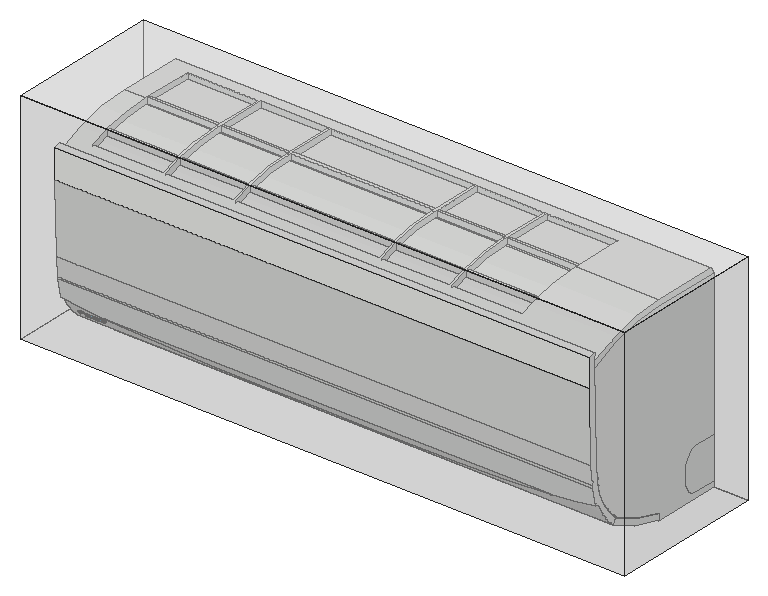
Revit family "outputfile", category 機械設備, Revit 2024
Family settings
  丸型コネクタ寸法 = 半径を使用
  パーツ タイプ = 標準
  OmniClass 番号 = 23.75.10.24.21.27.27
  OmniClass タイトル = Split System Air Conditioning Units
  作業面ベース = いいえ
  常に垂直 = はい
  ロード時にボイドで切り取り = いいえ
  注釈の向きを維持 = いいえ
  共有 = いいえ
  部屋計算ポイント = いいえ
Parameters (values of type "CTXM46RVMA")
  Description = ""
  書き出し IFC クラス(タイプ) = "IfcUnitaryEquipmentType"
  定義済み IFC タイプ(タイプ) = "AIRCONDITIONINGUNIT"
  Cost = 0
  Type Comments = ""
  Keynote = ""
  Type Image = (empty or 0)
  Assembly Code = ""
  w_wall hole = if(Width = 770.0 mm, 48.0 mm, if(Width = 990.0 mm, 60.0 mm, 89.0 mm))  # 48.0 mm
  製造元 = "Daikin"
  モデル = "CTXM46RVMA"
  switch_frequency = yes
  r_Liquid Pipe Size = Liquid Pipe Size / 2  # 3.2 mm
  r_Gas Pipe Size = Gas Pipe Size / 2  # 6.35 mm
  r_Drain Pipe Size = Drain Pipe Size / 2  # 8.0 mm
  lw_powersupply [instance] = if(Width = 770.0 mm, if(or(Rear Right Connection_refrigerant, Bottom Right Connection_refrigerant), 25.0 mm, if(or(Rear Left Connection_refrigerant, Bottom Left Connection_refrigerant), 745.0 mm, 400.0 mm)), if(Width = 990.0 mm, if(or(Rear Right Connection_refrigerant, Bottom Right Connection_refrigerant), 40.0 mm, if(or(Rear Left Connection_refrigerant, Bottom Left Connection_refrigerant), 920.0 mm, 400.0 mm)), if(Width = 1200.0 mm, if(or(Rear Right Connection_refrigerant, Bottom Right Connection_refrigerant), 89.0 mm - 19.0 mm, if(or(Rear Left Connection_refrigerant, Bottom Left Connection_refrigerant), 675.0 mm + (990.0 mm - 770.0 mm) + 145.0 mm + 22.0 mm + 89.0 mm, 400.0 mm)), if(or(Rear Right Connection_refrigerant, Bottom Right Connection_refrigerant), 89.0 mm - 19.0 mm, if(or(Rear Left Connection_refrigerant, Bottom Left Connection_refrigerant), 675.0 mm + (990.0 mm - 770.0 mm) + 145.0 mm + 22.0 mm + 89.0 mm, 400.0 mm)))))  # 400.0 mm
  lw_liquidpipe [instance] = if(Width = 770.0 mm, if(or(Rear Right Connection_refrigerant, Bottom Right Connection_refrigerant), 0.0 mm, if(or(Rear Left Connection_refrigerant, Bottom Left Connection_refrigerant), 664.0 mm, 385.0 mm)), if(Width = 990.0 mm, if(or(Rear Right Connection_refrigerant, Bottom Right Connection_refrigerant), 0.0 mm, if(or(Rear Left Connection_refrigerant, Bottom Left Connection_refrigerant), 664.0 mm + (990.0 mm - 770.0 mm), 475.0 mm)), if(Width = 1200.0 mm, if(or(Rear Right Connection_refrigerant, Bottom Right Connection_refrigerant), 0.0 mm, if(or(Rear Left Connection_refrigerant, Bottom Left Connection_refrigerant), 664.0 mm + (990.0 mm - 770.0 mm) + 145.0 mm, 460.0 mm)), if(or(Rear Right Connection_refrigerant, Bottom Right Connection_refrigerant), 0.0 mm, if(or(Rear Left Connection_refrigerant, Bottom Left Connection_refrigerant), 664.0 mm + (990.0 mm - 770.0 mm) + 145.0 mm, 460.0 mm)))))  # 385.0 mm
  lw_gaspipe [instance] = if(Width = 770.0 mm, if(or(Rear Right Connection_refrigerant, Bottom Right Connection_refrigerant), 0.0 mm, if(or(Rear Left Connection_refrigerant, Bottom Left Connection_refrigerant), 675.0 mm, if(Gas Pipe Size = 12.7 mm, 345.0 mm, 335.0 mm))), if(Width = 990.0 mm, if(or(Rear Right Connection_refrigerant, Bottom Right Connection_refrigerant), 10.0 mm, if(or(Rear Left Connection_refrigerant, Bottom Left Connection_refrigerant), 890.0 mm, if(Gas Pipe Size = 15.9 mm, 410.0 mm, 400.0 mm))), if(Width = 1200.0 mm, if(or(Rear Right Connection_refrigerant, Bottom Right Connection_refrigerant), 10.0 mm, if(or(Rear Left Connection_refrigerant, Bottom Left Connection_refrigerant), 675.0 mm + (990.0 mm - 770.0 mm) + 145.0 mm, 400.0 mm)), if(or(Rear Right Connection_refrigerant, Bottom Right Connection_refrigerant), 10.0 mm, if(or(Rear Left Connection_refrigerant, Bottom Left Connection_refrigerant), 675.0 mm + (990.0 mm - 770.0 mm) + 145.0 mm, 400.0 mm)))))  # 345.0 mm
  lw_drainpipe [instance] = if(Width = 770.0 mm, if(or(Rear Right Connection_refrigerant, Bottom Right Connection_refrigerant), 0.0 mm, if(or(Rear Left Connection_refrigerant, Bottom Left Connection_refrigerant), 770.0 mm - 48.0 mm - 48.0 mm, 440.0 mm)), if(Width = 990.0 mm, if(or(Rear Right Connection_refrigerant, Bottom Right Connection_refrigerant), 0.0 mm, if(or(Rear Left Connection_refrigerant, Bottom Left Connection_refrigerant), 675.0 mm + (990.0 mm - 770.0 mm), 435.0 mm)), if(Width = 1200.0 mm, if(or(Rear Right Connection_refrigerant, Bottom Right Connection_refrigerant), 0.0 mm, if(or(Rear Left Connection_refrigerant, Bottom Left Connection_refrigerant), 675.0 mm + (990.0 mm - 770.0 mm) + 145.0 mm, 465.0 mm)), if(or(Rear Right Connection_refrigerant, Bottom Right Connection_refrigerant), 0.0 mm, if(or(Rear Left Connection_refrigerant, Bottom Left Connection_refrigerant), 675.0 mm + (990.0 mm - 770.0 mm) + 145.0 mm, 465.0 mm)))))  # 440.0 mm
  l_powersupply_length [instance] = if(Width = 770.0 mm, if(Right Connection_refrigerant, 400.0 mm, if(Left Connection_refrigerant, 770.0 mm - 400.0 mm, if(or(Rear Left Connection_refrigerant, Rear Right Connection_refrigerant), 15.0 mm, 50.0 mm))), if(Width = 990.0 mm, if(Right Connection_refrigerant, 400.0 mm, if(Left Connection_refrigerant, 990.0 mm - 400.0 mm, if(or(Rear Left Connection_refrigerant, Rear Right Connection_refrigerant), 15.0 mm, 50.0 mm))), if(Width = 1200.0 mm, if(Right Connection_refrigerant, 400.0 mm, if(Left Connection_refrigerant, 1200.0 mm - 400.0 mm, if(or(Rear Left Connection_refrigerant, Rear Right Connection_refrigerant), 15.0 mm, 50.0 mm))), if(Right Connection_refrigerant, 400.0 mm, if(Left Connection_refrigerant, 1200.0 mm - 400.0 mm, if(or(Rear Left Connection_refrigerant, Rear Right Connection_refrigerant), 15.0 mm, 50.0 mm))))))  # 400.0 mm
  l_liquidpipe_length [instance] = if(Width = 770.0 mm, if(Right Connection_refrigerant, 433.0 mm, if(Left Connection_refrigerant, 337.0 mm, if(or(Rear Left Connection_refrigerant, Rear Right Connection_refrigerant), 30.0 mm, 40.0 mm))), if(Width = 990.0 mm, if(Right Connection_refrigerant, 535.0 mm, if(Left Connection_refrigerant, 455.0 mm, if(or(Rear Left Connection_refrigerant, Rear Right Connection_refrigerant), 30.0 mm, 40.0 mm))), if(Width = 1200.0 mm, if(Right Connection_refrigerant, 549.0 mm, if(Left Connection_refrigerant, 1200.0 mm - 549.0 mm, if(or(Rear Left Connection_refrigerant, Rear Right Connection_refrigerant), 30.0 mm, 40.0 mm))), if(Right Connection_refrigerant, 549.0 mm, if(Left Connection_refrigerant, 1200.0 mm - 549.0 mm, if(or(Rear Left Connection_refrigerant, Rear Right Connection_refrigerant), 30.0 mm, 40.0 mm))))))  # 433.0 mm
  l_gaspipe_length [instance] = if(Width = 770.0 mm, if(Right Connection_refrigerant, if(Gas Pipe Size = 12.7 mm, 393.0 mm, 383.0 mm), if(Left Connection_refrigerant, if(Gas Pipe Size = 12.7 mm, 770.0 mm - 393.0 mm, 770.0 mm - 383.0 mm), if(or(Rear Left Connection_refrigerant, Rear Right Connection_refrigerant), 40.0 mm, 50.0 mm))), if(Width = 990.0 mm, if(Right Connection_refrigerant, if(Gas Pipe Size = 15.9 mm, 470.0 mm, 460.0 mm), if(Left Connection_refrigerant, if(Gas Pipe Size = 15.9 mm, 990.0 mm - 470.0 mm, 990.0 mm - 460.0 mm), if(or(Rear Left Connection_refrigerant, Rear Right Connection_refrigerant), 40.0 mm, 50.0 mm))), if(Width = 1200.0 mm, if(Right Connection_refrigerant, 489.0 mm, if(Left Connection_refrigerant, 1200.0 mm - 489.0 mm, if(or(Rear Left Connection_refrigerant, Rear Right Connection_refrigerant), 40.0 mm, 50.0 mm))), if(Right Connection_refrigerant, 489.0 mm, if(Left Connection_refrigerant, 1200.0 mm - 489.0 mm, if(or(Rear Left Connection_refrigerant, Rear Right Connection_refrigerant), 40.0 mm, 50.0 mm))))))  # 393.0 mm
  l_drainpipe_length [instance] = if(Width = 770.0 mm, if(Right Connection_refrigerant, 488.0 mm, if(Left Connection_refrigerant, 282.0 mm, if(or(Rear Left Connection_refrigerant, Rear Right Connection_refrigerant), 15.0 mm, 20.0 mm))), if(Width = 990.0 mm, if(Right Connection_refrigerant, 495.0 mm, if(Left Connection_refrigerant, 495.0 mm, if(or(Rear Left Connection_refrigerant, Rear Right Connection_refrigerant), 15.0 mm, 20.0 mm))), if(Width = 1200.0 mm, if(Right Connection_refrigerant, 554.0 mm, if(Left Connection_refrigerant, 1200.0 mm - 554.0 mm, if(or(Rear Left Connection_refrigerant, Rear Right Connection_refrigerant), 15.0 mm, 20.0 mm))), if(Right Connection_refrigerant, 554.0 mm, if(Left Connection_refrigerant, 1200.0 mm - 554.0 mm, if(or(Rear Left Connection_refrigerant, Rear Right Connection_refrigerant), 15.0 mm, 20.0 mm))))))  # 488.0 mm
  h*** = 0.0 mm  # constant formula
  connector_voltage = Voltage_50Hz  # 230 V
  connector_powerinput = if([Power Input (Cooling)] > [Power Input (Heating)], [Power Input (Cooling)], [Power Input (Heating)])  # 0.000 kW
  connector_phase = Phase_50Hz  # 1
  angle_vertical [instance] = if(or(Bottom Left Connection_refrigerant, Bottom Right Connection_refrigerant), 0.00°, 90.00°)  # 90.00°
  angle_horizontal [instance] = if(Right Connection_refrigerant, 90.00°, if(Left Connection_refrigerant, -90.00°, if(or(Rear Left Connection_refrigerant, Rear Right Connection_refrigerant), 180.00°, 0.00°)))  # 90.00°
  Width = 770.0 mm
  Voltage_comment_50Hz = "220 - 240"
  Voltage_50Hz = 230 V
  Version = "ver.1.0"
  Unit Type = "Wall Mounted"
  Unit Mass Weight = 9.00 kg
  Unit Designation [instance] = ""
  Uniclass2015Version = "Products v1.30"
  Uniclass2015Title = "Split coil room air conditioning units"
  Uniclass2015Code = "Pr_70_65_03_86"
  URL = ""
  Total Heating Capacity [instance] = 0.000 kW
  Total Cooling Capacity [instance] = 0.000 kW
  Sound Pressure Level_M speed (dBA) = 40
  Sound Pressure Level_L speed (dBA) = 35
  Sound Pressure Level_H speed (dBA) = 44
  Sound Power Level_H speed (dB) = 0
  Series = "Multi Split_Fan Coil Unit"
  Sensible Cooling Capacity [instance] = 0.000 kW
  Refrigerant Type = "R32"
  Power Input (Heating) = 0.000 kW
  Power Input (Cooling) = 0.000 kW
  Phase_50Hz = 1
  Option Accessory 3 [instance] = ""
  Option Accessory 2 [instance] = ""
  Option Accessory 1 [instance] = ""
  Nominal Heating Capacity = 5.600 kW
  Nominal Cooling Capacity = 4.600 kW
  Minimum Circuit Amps_50Hz = 0.0 A
  Minimum Airflow = 504.00 m³/h
  Median Airflow = 600.00 m³/h
  Maximum Fuse Amps_50Hz = 0.0 A
  Maximum Airflow = 732.00 m³/h
  Material_Casing = DAIKIN_White_Casing_indoorunit
  Load Classification = HVAC
  Liquid Pipe Size = 6.4 mm
  Link_Nested Family [instance] = ""
  IfcVersion = ""
  IfcExportType = "AIRCONDITIONINGUNIT"
  IfcExportAs = "IfcUnitaryEquipmentType"
  Height = 285.0 mm
  Heating Entering Wet Bulb Temperature [instance] = 0.00 °C
  Heating Entering Dry Bulb Temperature [instance] = 0.00 °C
  Heating Ambient Wet Bulb Temperature [instance] = 0.00 °C
  Heating Ambient Dry Bulb Temperature [instance] = 0.00 °C
  Heat Exchanger Type = "Cross Fin Coil"
  Gas Pipe Size = 12.7 mm
  Frequency_50Hz = 50 Hz
  Fan Type = "Cross Flow Fan"
  Fan Drive = "Direct Drive"
  FCU Tag No. [instance] = ""
  Drain Pipe Size = 16.0 mm
  Design Supply Airflow [instance] = 0.00 m³/h
  Depth = 223.0 mm
  既定の高さ = 0.0 mm
  Cooling Entering Wet Bulb Temperature [instance] = 0.00 °C
  Cooling Entering Dry Bulb Temperature [instance] = 0.00 °C
  Cooling Ambient Wet Bulb Temperature [instance] = 0.00 °C
  Cooling Ambient Dry Bulb Temperature [instance] = 0.00 °C
  Clearance visibility [instance] = yes
  Clearance Top = 30.0 mm
  Clearance Right = 50.0 mm
  Clearance Rear = 0.0 mm
  Clearance Left = 50.0 mm
  Clearance Front = 0.0 mm
  Clearance Bottom = 0.0 mm
  Bottom Right Connection_refrigerant [instance] = no
  Bottom Left Connection_refrigerant [instance] = no
  Rear Right Connection_refrigerant [instance] = no
  Rear Left Connection_refrigerant [instance] = no
  Right Connection_refrigerant [instance] = yes
  Left Connection_refrigerant [instance] = no
Reference planes
  plane 1 "Back": y = 0
  plane 2: z = 0
  plane 3 "Center (Left/Right)": x = 0
  plane 4 "Center (Front/Back)": y = -111.5
  plane 5 "Front": y = -223
  plane 6 "Left": x = -385
  plane 7 "Right": x = 385
  plane 8 "Top": z = 0
  plane 9 "Bottom": z = -285
  plane 10: x = -435
  plane 11: x = 435
  plane 12: y = 0
  plane 13: y = -223
  plane 14: z = 30
  plane 15: z = -285
  plane 16 "lw_Piping and Wiring intake": x = 337
  plane 17 "lw_gaspipe": x = -8
  plane 18 "lw_liquidpipe": x = -48
  plane 19 "lw_drainpipe": x = -103
  plane 20 "lh_drainpipe": z = -265
  plane 21 "lh_liquidpipe": z = -245
  plane 22 "lh_gaspipe": z = -235
  plane 23 "ld_drainpipe": y = -15
  plane 24 "ld_liquidpipe": y = -30
  plane 25 "ld_gaspipe": y = -40
  plane 26 "lw_powersupply": x = -15
Dimensions and locks
  equal spacing: plane 6 "Left", plane 3 "Center (Left/Right)", plane 7 "Right"
  "Width": plane 6 "Left" to plane 7 "Right"
  equal spacing: plane 5 "Front", plane 4 "Center (Front/Back)", plane 1 "Back"
  "Depth": plane 5 "Front" to plane 1 "Back"
  "Height": plane 8 "Top" to plane 9 "Bottom"
  "Clearance Rear": plane 12 to plane 1 "Back"
  "Clearance Front": plane 13 to plane 5 "Front"
  "Clearance Top": plane 14 to plane 8 "Top"
  "Clearance Bottom": plane 9 "Bottom" to plane 15
  "w_wall hole": plane 16 "lw_Piping and Wiring intake" to plane 7 "Right"
  "lw_gaspipe": plane 17 "lw_gaspipe" to plane 16 "lw_Piping and Wiring intake"
  "lw_liquidpipe": plane 18 "lw_liquidpipe" to plane 16 "lw_Piping and Wiring intake"
  "lw_drainpipe": plane 19 "lw_drainpipe" to plane 16 "lw_Piping and Wiring intake"
  locked: plane 20 "lh_drainpipe" to plane 9 "Bottom" at 20
  locked: plane 21 "lh_liquidpipe" to plane 9 "Bottom" at 40
  locked: plane 22 "lh_gaspipe" to plane 9 "Bottom" at 50
  locked: plane 23 "ld_drainpipe" to plane 1 "Back" at 15
  locked: plane 1 "Back" to plane 24 "ld_liquidpipe" at 30
  locked: plane 1 "Back" to plane 25 "ld_gaspipe" at 40
  "lw_powersupply": plane 26 "lw_powersupply" to plane 7 "Right"
  "Clearance Right": plane 7 "Right" to plane 11
  "Clearance Left": plane 10 to plane 6 "Left"
  aligned and locked: level to plane 2
  aligned and locked: plane 12 to nested 1
  aligned and locked: nested 1 to plane 13
  aligned and locked: plane 10 to nested 1
  aligned and locked: plane 11 to nested 1
  aligned and locked: plane 15 to nested 1
  aligned and locked: plane 14 to nested 1
  aligned and locked: plane 17 "lw_gaspipe" to nested 2
  aligned and locked: nested 2 to plane 25 "ld_gaspipe"
  aligned and locked: plane 18 "lw_liquidpipe" to nested 3
  aligned and locked: nested 3 to plane 24 "ld_liquidpipe"
  aligned and locked: plane 19 "lw_drainpipe" to nested 4
  aligned and locked: nested 4 to plane 23 "ld_drainpipe"
  aligned and locked: nested 5 to plane 23 "ld_drainpipe"
  aligned and locked: plane 26 "lw_powersupply" to nested 5
  aligned and locked: level to plane 8 "Top"
  aligned and locked: plane 3 "Center (Left/Right)" to nested 6
  aligned and locked: plane 1 "Back" to nested 6
  aligned and locked: plane 8 "Top" to nested 6
Nested families
  nested 1: "daikin_clearancespace" at (0, -111.5, -127.381), show <- "Clearance visibility", visible <- "Clearance visibility", Link_Nested Family <- "Link_Nested Family", type "daikin_clearancespace"
    with width 870.0 mm, show yes, height 315.0 mm, depth 223.0 mm, Link_Nested Family ""
  nested 2: "daikin_connector_rotate3" at (-8, -40, -235), angle_vertical <- "angle_vertical", angle_horizontal <- "angle_horizontal", length <- "l_gaspipe_length", radius <- "r_Gas Pipe Size", type "daikin_connector_rotate3"
    with show no, radius 6.35 mm, length 393.0 mm, angle_vertical 90.00°, angle_horizontal 90.00°
  nested 3: "daikin_connector_rotate3" at (-48, -30, -245), angle_vertical <- "angle_vertical", angle_horizontal <- "angle_horizontal", radius <- "r_Liquid Pipe Size", length <- "l_liquidpipe_length", type "daikin_connector_rotate3"
    with show no, radius 3.2 mm, length 433.0 mm, angle_vertical 90.00°, angle_horizontal 90.00°
  nested 4: "daikin_connector_rotate3" at (-103, -15, -265), angle_vertical <- "angle_vertical", angle_horizontal <- "angle_horizontal", length <- "l_drainpipe_length", radius <- "r_Drain Pipe Size", type "daikin_connector_rotate3"
    with show no, radius 8.0 mm, length 488.0 mm, angle_vertical 90.00°, angle_horizontal 90.00°
  nested 5: "daikin_connector_rotate3" at (-15, -15, -235), angle_vertical <- "angle_vertical", angle_horizontal <- "angle_horizontal", length <- "l_powersupply_length", type "daikin_connector_rotate3"
    with show no, radius 10.0 mm, length 400.0 mm, angle_vertical 90.00°, angle_horizontal 90.00°
  nested 6: "DAIKIN_indoorunit_CTXM-RVMA" at (-31, 0, 0), type "CTXM-RVMA"
Connectors
  piping at (385, -40, -235), diameter 12.7, driven by "r_Gas Pipe Size"
    settings: on nested 2, index 1, connector inside diameter 609.6 mm, connector length 0.0 mm, flow factor 0, pipe flow 0.00 m³/h, pressure drop 0.0 Pa, fitting loss kfactor 0, connector angle 0.00°, fixture units 0, engagement length 0.0 mm, angle of deflection 0.00°, flow configuration 1, flow direction 2, fitting loss method 0, system type 29, joint type 0, gender type 0, connector reference index -1, connector utility 0, adjustable connector no, is connector primary yes, connector description "Refrigerant Gas Piping"
  piping at (385, -30, -245), diameter 6.4, driven by "r_Liquid Pipe Size"
    settings: on nested 3, index 2, connector inside diameter 609.6 mm, connector length 0.0 mm, flow factor 0, pipe flow 0.00 m³/h, pressure drop 0.0 Pa, fitting loss kfactor 0, connector angle 0.00°, fixture units 0, engagement length 0.0 mm, angle of deflection 0.00°, flow configuration 1, flow direction 1, fitting loss method 0, system type 29, joint type 0, gender type 0, connector reference index -1, connector utility 0, adjustable connector no, is connector primary no, connector description "Refrigerant Liquid Piping"
  piping at (385, -15, -265), diameter 16, driven by "r_Drain Pipe Size"
    settings: on nested 4, index 3, connector inside diameter 609.6 mm, connector length 0.0 mm, flow factor 0, pipe flow 0.00 m³/h, pressure drop 0.0 Pa, fitting loss kfactor 0, connector angle 0.00°, fixture units 0, engagement length 0.0 mm, angle of deflection 0.00°, flow configuration 1, flow direction 2, fitting loss method 4, system type 16, joint type 0, gender type 0, connector reference index -1, connector utility 0, adjustable connector no, is connector primary no, connector description "Condensate Drain Piping"
  electrical at (385, -15, -235), driven by "Load Classification", driven by "connector_voltage", driven by "connector_phase", driven by "connector_powerinput"
    settings: on nested 5, index 4, voltage 230 V, apparent load 0 VA, apparent load phase1 0 VA, apparent load phase2 0 VA, apparent load phase3 0 VA, power factor 1, load classification "HVAC", number of poles 1, system type 30, power factor state 1, is connector primary yes, connector utility no, sub classification motor no, connector description "Power Supply"
Definition of nested family "daikin_clearancespace"
  Parameters (values of type "daikin_clearancespace")
    Description = "daikin_clearancespace"
    width [instance] = 1823.963 mm
    show [instance] = yes
    material = none
    height [instance] = 1359.762 mm
    depth [instance] = 880.0 mm
    Default Elevation = 0.0 mm
    Link_Nested Family [instance] = ""
  Reference planes
    plane 1 "Center (Front/Back)": y = 0
    plane 2 "Center (Elevation)": z = -0.119
    plane 3 "Center (Left/Right)": x = 0
    plane 4: y = 440
    plane 5: y = -440
    plane 6 "Right": x = 911.982
    plane 7 "Left": x = -911.982
    plane 8 "Top": z = 679.762
    plane 9 "Bottom": z = -680
  Forms (mm)
    Extrusion 1, solid, material <- "material", visible <- "show"
      sketch origin (0, 0, 0) x (1, 0, 0) y (0, 1, 0)
        loop
          line (-911.982, 440) -> (-911.982, -440) -> (911.982, -440) -> (911.982, 440) -> (-911.982, 440)
      from -680 to 679.762
  Lines and regions (mm)
    symbolic lines, visible <- "show"
      curve 1: line (911.982, 440, 0) -> (-911.982, 440, 0)
      curve 2: line (-911.982, 440, 0) -> (-911.982, -440, 0)
      curve 3: line (-911.982, -440, 0) -> (911.982, -440, 0)
      curve 4: line (911.982, -440, 0) -> (911.982, 440, 0)
      curve 5: line (911.982, 0, 679.762) -> (-911.982, 0, 679.762)
      curve 6: line (911.982, 0, -680) -> (911.982, 0, 679.762)
      curve 7: line (-911.982, 0, -680) -> (911.982, 0, -680)
      curve 8: line (-911.982, 0, 679.762) -> (-911.982, 0, -680)
      curve 9: line (0, 440, 679.762) -> (0, -440, 679.762)
      curve 10: line (0, -440, 679.762) -> (0, -440, -680)
      curve 11: line (0, 440, -680) -> (0, 440, 679.762)
      curve 12: line (0, -440, -680) -> (0, 440, -680)
  Dimensions and locks
    "width": plane 7 "Left" to plane 6 "Right"
    "depth": plane 4 to plane 5
    "height": plane 8 "Top" to plane 9 "Bottom"
    equal spacing: plane 7 "Left", plane 3 "Center (Left/Right)", plane 6 "Right"
    equal spacing: plane 4, plane 1 "Center (Front/Back)", plane 5
    equal spacing: plane 8 "Top", plane 2 "Center (Elevation)", plane 9 "Bottom"
    aligned and locked: level to plane 2 "Center (Elevation)"
    aligned and locked: Extrusion 1 sketch curve to plane 4
    aligned and locked: plane 7 "Left" to Extrusion 1 sketch curve
    aligned and locked: Extrusion 1 sketch curve to plane 5
    aligned and locked: Extrusion 1 sketch curve to plane 6 "Right"
    aligned and locked: plane 8 "Top" to Extrusion 1
    aligned and locked: curve 1 to Extrusion 1
    aligned and locked: curve 2 to Extrusion 1
    aligned and locked: curve 3 to Extrusion 1
    aligned and locked: curve 4 to Extrusion 1
    aligned and locked: curve 5 to Extrusion 1
    aligned and locked: curve 6 to Extrusion 1
    aligned and locked: curve 7 to Extrusion 1
    aligned and locked: curve 8 to Extrusion 1
    aligned and locked: curve 9 to Extrusion 1
    aligned and locked: curve 10 to Extrusion 1
    aligned and locked: curve 11 to Extrusion 1
    aligned and locked: curve 12 to Extrusion 1
    aligned and locked: Extrusion 1 to plane 9 "Bottom"
Definition of nested family "DAIKIN_indoorunit_CTXM-RVMA"
  Parameters (values of type "CTXM-RVMA")
    switch_unit1_85-95 = Width = 1200.0 mm  # no
    switch_unit1_50-71 = Width = 990.0 mm  # no
    switch_unit1_20-46 = Width = 770.0 mm  # yes
    Width = 770.0 mm
    WALL HOLE_L = if(Width = 1200.0 mm, 65.0 mm, 48.0 mm)  # 48.0 mm
    WALL HOLE_H = if(Width = 1200.0 mm, 45.0 mm, 44.5 mm)  # 44.5 mm
    WALL HOLE-R = if(Width = 770.0 mm, 48.0 mm, if(Width = 990.0 mm, 60.0 mm, 89.0 mm))  # 48.0 mm
    WALL HOLE Size = if(Width = 770.0 mm, 65.0 mm, 80.0 mm)  # 65.0 mm
    Material_Casing = none
    Height = if(Width = 770.0 mm, 285.0 mm, if(Width = 990.0 mm, 295.0 mm, 340.0 mm))  # 285.0 mm
    Default Elevation = 0.0 mm
  Reference planes
    plane 1 "Center (Front/Back)": y = 0
    plane 2 "reference_level": z = 0
    plane 3 "Center (Left/Right)": x = 31
    plane 4: x = -354
    plane 5: x = 416
    plane 6: z = -285
  Forms (mm)
    Extrusion 1, solid, material <- "Material_Casing", visible <- "switch_unit1_20-46"
      sketch origin (29, 0, 0) x (0, 1, 0) y (0, 0, 1)
        loop
          line (-5, 0) -> (-98, 0)
          arc (-98, 0) -> (-157.611, -7.211) -> (-213.783, -28.427) r 250
          arc (-213.783, -28.427) -> (-213.842, -32.972) -> (-213.892, -37.516) r 2191
          arc (-213.892, -37.516) -> (-157.832, -15.495) -> (-98.07, -8) r 242
          line (-98.07, -8) -> (0, -8) -> (-5, 0)
      from -383 to 387
    Extrusion 2, solid, material <- "Material_Casing", visible <- "switch_unit1_20-46"
      sketch origin (416, 1296.25, 1200) x (0, 1, 0) y (0, 0, 1)
        loop
          line (-1472.998, -1446.91) -> (-1476.998, -1453.839)
          arc (-1476.998, -1453.839) -> (-1437.481, -1472.422) -> (-1395.25, -1483.538) r 240
          line (-1395.25, -1483.538) -> (-1395.25, -1475.422)
          arc (-1395.25, -1475.422) -> (-1435.407, -1464.663) -> (-1472.998, -1446.91) r 232
      from 0 to -47.5
    Extrusion 3, solid, material <- "Material_Casing", visible <- "switch_unit1_20-46"
      sketch origin (29, 0, 0) x (0, 1, 0) y (0, 0, 1)
        loop
          arc (-223, -60.455) -> (-222.414, -110.646) -> (-220.656, -160.81) r 2149.92
          arc (-220.656, -160.81) -> (-219.65, -174.299) -> (-217.853, -187.706) r 229.911
          arc (-217.853, -187.706) -> (-205.371, -223.594) -> (-181.517, -253.17) r 111
          line (-181.517, -253.17) -> (-177.429, -246.093)
          arc (-177.429, -246.093) -> (-198.77, -218.989) -> (-209.965, -186.36) r 103
          arc (-209.965, -186.36) -> (-211.681, -173.586) -> (-212.651, -160.735) r 221.844
          arc (-212.651, -160.735) -> (-214.739, -93.233) -> (-214.74, -25.699) r 2186.828
          arc (-214.74, -25.699) -> (-214.671, -21.467) -> (-214.594, -17.235) r 2192
          line (-214.594, -17.235) -> (-223, -19.961) -> (-223, -60.455)
      from -383 to 387
    Extrusion 4, solid, material <- "Material_Casing", visible <- "switch_unit1_20-46"
      sketch origin (29, 0, 0) x (0, 1, 0) y (0, 0, 1)
        loop
          line (-181.517, -253.17) -> (-179.597, -249.846)
          arc (-179.597, -249.846) -> (-202.009, -221.399) -> (-213.189, -186.952) r 103
          line (-213.189, -186.952) -> (-217.853, -187.706)
          arc (-217.853, -187.706) -> (-217.533, -189.556) -> (-217.182, -191.4) r 111
          arc (-217.182, -191.4) -> (-213.806, -208.181) -> (-210.362, -224.948) r 4257.809
          arc (-210.362, -224.948) -> (-198.886, -237.857) -> (-186.225, -249.607) r 180
          line (-186.225, -249.607) -> (-181.517, -253.17)
      from -383 to 387
    Extrusion 5, solid, material <- "Material_Casing", visible <- "switch_unit1_20-46"
      sketch origin (29, 0, -20) x (0, 1, 0) y (0, 0, 1)
        loop
          line (0, -265) -> (0, 12) -> (-98.07, 12)
          arc (-98.07, 12) -> (-157.832, 4.505) -> (-213.892, -17.516) r 242
          arc (-213.892, -17.516) -> (-213.638, -79.114) -> (-211.653, -140.681) r 2191
          arc (-211.653, -140.681) -> (-210.685, -153.501) -> (-208.973, -166.243) r 221
          arc (-208.973, -166.243) -> (-197.471, -199.282) -> (-175.482, -226.491) r 102
          arc (-175.482, -226.491) -> (-138.004, -244.019) -> (-98, -254.579) r 231
          line (-98, -254.579) -> (-98, -265) -> (0, -265)
      from -383 to 387
    Extrusion 6, solid, material <- "Material_Casing", visible <- "switch_unit1_20-46"
      sketch origin (-354, 1296.25, 1200) x (0, 1, 0) y (0, 0, 1)
        loop
          line (-1472.998, -1446.91) -> (-1476.998, -1453.839)
          arc (-1476.998, -1453.839) -> (-1437.481, -1472.422) -> (-1395.25, -1483.538) r 240
          line (-1395.25, -1483.538) -> (-1395.25, -1475.422)
          arc (-1395.25, -1475.422) -> (-1435.407, -1464.663) -> (-1472.998, -1446.91) r 232
      from 47 to 0
    Extrusion 7, solid, material <- "Material_Casing", visible <- "switch_unit1_20-46"
      sketch origin (416, 1296.25, 1200) x (0, 1, 0) y (0, 0, 1)
        loop
          line (-1472.998, -1446.91) -> (-1476.998, -1453.839)
          arc (-1476.998, -1453.839) -> (-1443.437, -1470.168) -> (-1407.75, -1481.097) r 240
          line (-1407.75, -1481.097) -> (-1407.75, -1472.894)
          arc (-1407.75, -1472.894) -> (-1441.363, -1462.385) -> (-1472.998, -1446.91) r 232
      from -116.993 to -48.493
    Extrusion 8, solid, material <- "Material_Casing", visible <- "switch_unit1_20-46"
      sketch origin (416, 1296.25, 1200) x (0, 1, 0) y (0, 0, 1)
        loop
          line (-1472.998, -1446.91) -> (-1476.998, -1453.839)
          arc (-1476.998, -1453.839) -> (-1443.437, -1470.168) -> (-1407.75, -1481.097) r 240
          line (-1407.75, -1481.097) -> (-1407.75, -1472.894)
          arc (-1407.75, -1472.894) -> (-1441.363, -1462.385) -> (-1472.998, -1446.91) r 232
      from -717 to -121.993
    Extrusion 9, void
      sketch origin (31, 0, -235) x (1, 0, 0) y (0, 1, 0)
        loop
          line (-252.674, -22.316) -> (-354.941, -22.316) -> (-354.941, -91.341) -> (-252.674, -91.341) -> (-252.674, -22.316)
        loop
          line (-249.341, -91.341) -> (-151.574, -91.341) -> (-151.574, -22.316) -> (-249.341, -22.316) -> (-249.341, -91.341)
        loop
          line (58.309, -22.316) -> (-148.309, -22.316) -> (-148.309, -91.341) -> (58.309, -91.341) -> (58.309, -22.316)
        loop
          line (61.689, -22.316) -> (61.689, -91.341) -> (159.457, -91.341) -> (159.457, -22.316) -> (61.689, -22.316)
        loop
          line (162.789, -22.316) -> (162.789, -91.341) -> (265.057, -91.341) -> (265.057, -22.316) -> (162.789, -22.316)
        loop
          line (-354.941, -94.659) -> (-354.941, -165.259) -> (-252.674, -165.259) -> (-252.674, -94.659) -> (-354.941, -94.659)
        loop
          line (-249.341, -94.659) -> (-249.341, -165.259) -> (-151.574, -165.259) -> (-151.574, -94.659) -> (-249.341, -94.659)
        loop
          line (-148.309, -94.659) -> (-148.309, -165.259) -> (58.309, -165.259) -> (58.309, -94.659) -> (-148.309, -94.659)
        loop
          line (61.689, -94.659) -> (61.689, -165.259) -> (159.457, -165.259) -> (159.457, -94.659) -> (61.689, -94.659)
        loop
          line (162.789, -94.659) -> (162.789, -165.259) -> (265.057, -165.259) -> (265.057, -94.659) -> (162.789, -94.659)
        loop
          line (-354.941, -167.382) -> (-354.941, -192.681) -> (-252.674, -192.681) -> (-252.674, -167.382) -> (-354.941, -167.382)
        loop
          line (-249.341, -167.382) -> (-249.341, -192.681) -> (-151.574, -192.681) -> (-151.574, -167.382) -> (-249.341, -167.382)
        loop
          line (-148.309, -167.382) -> (-148.309, -192.681) -> (58.309, -192.681) -> (58.309, -167.382) -> (-148.309, -167.382)
        loop
          line (159.457, -167.382) -> (61.689, -167.382) -> (61.689, -192.681) -> (159.457, -192.681) -> (159.457, -167.382)
        loop
          line (265.057, -167.382) -> (162.789, -167.382) -> (162.789, -192.681) -> (265.057, -192.681) -> (265.057, -167.382)
      from 201.638 to 250
    Extrusion 10, void
      sketch origin (31, 0, 0) x (1, 0, 0) y (0, 0, 1)
        loop
          arc (597, -174.907) -> (0.056, -245.263) -> (-597, -175.856) r 2585.042
          line (-597, -175.856) -> (-597, -352.872) -> (597, -352.872) -> (597, -174.907)
      from 173 to 315.3
    Extrusion 11, solid, material <- "Material_Casing"
      sketch origin (31, 0, 0) x (1, 0, 0) y (0, 0, 1)
        loop
          circle (337, -240.5) r 32.5
        loop
          circle (-337, -240.5) r 32.5
      from 0 to 5
    Extrusion 12, solid, material <- "Material_Casing", visible <- "switch_unit1_20-46"
      sketch origin (416, 1296.25, 1200) x (0, -1, 0) y (0, 0, 1)
        loop
          line (1326.25, -1417) -> (1296.25, -1417) -> (1296.25, -1477) -> (1326.25, -1477)
          arc (1326.25, -1477) -> (1340.393, -1471.142) -> (1346.25, -1457) r 20
          line (1346.25, -1457) -> (1346.25, -1437)
          arc (1346.25, -1437) -> (1340.393, -1422.858) -> (1326.25, -1417) r 20
      from 0 to 5
    Extrusion 13, solid, material <- "Material_Casing", visible <- "switch_unit1_20-46"
      sketch origin (-354, 1296.25, 1200) x (0, 1, 0) y (0, 0, 1)
        loop
          line (-1296.25, -1417) -> (-1326.25, -1417)
          arc (-1326.25, -1417) -> (-1340.393, -1422.858) -> (-1346.25, -1437) r 20
          line (-1346.25, -1437) -> (-1346.25, -1457)
          arc (-1346.25, -1457) -> (-1340.393, -1471.142) -> (-1326.25, -1477) r 20
          line (-1326.25, -1477) -> (-1296.25, -1477) -> (-1296.25, -1417)
      from 0 to 5
    Extrusion 14, solid, material <- "Material_Casing", visible <- "switch_unit1_20-46"
      sketch origin (31, 0, -285) x (-1, 0, 0) y (0, -1, 0)
        loop
          line (-314, 0) -> (-314, 30)
          arc (-314, 30) -> (-319.858, 44.142) -> (-334, 50) r 20
          line (-334, 50) -> (-354, 50)
          arc (-354, 50) -> (-368.142, 44.142) -> (-374, 30) r 20
          line (-374, 30) -> (-374, 0) -> (-314, 0)
        loop
          line (374, 0) -> (374, 30)
          arc (374, 30) -> (368.142, 44.142) -> (354, 50) r 20
          line (354, 50) -> (334, 50)
          arc (334, 50) -> (319.858, 44.142) -> (314, 30) r 20
          line (314, 30) -> (314, 0) -> (374, 0)
      from 0 to 5
    Extrusion 15, solid, material <- "Material_Casing", visible <- "switch_unit1_50-71"
      sketch origin (31, 0, 0) x (0, 1, 0) y (0, 0, 1)
        loop
          line (-5, 0) -> (-138, 0)
          arc (-138, 0) -> (-197.611, -7.211) -> (-253.783, -28.427) r 250
          arc (-253.783, -28.427) -> (-253.838, -32.687) -> (-253.886, -36.946) r 2191
          arc (-253.886, -36.946) -> (-197.73, -15.346) -> (-138.014, -8) r 246.393
          line (-138.014, -8) -> (0, -8) -> (-5, 0)
      from -495 to 495
    Extrusion 16, solid, material <- "Material_Casing", visible <- "switch_unit1_50-71"
      sketch origin (418, 1296.25, 1200) x (0, 1, 0) y (0, 0, 1)
        loop
          arc (-1515.208, -1454.149) -> (-1506.856, -1460.599) -> (-1497.925, -1466.219) r 110
          arc (-1497.925, -1466.219) -> (-1445.718, -1487.493) -> (-1389.844, -1494.995) r 223
          line (-1389.844, -1494.995) -> (-1389.844, -1486.086) -> (-1404.386, -1486.086)
          arc (-1404.386, -1486.086) -> (-1449.542, -1477.46) -> (-1491.818, -1459.402) r 214.289
          arc (-1491.818, -1459.402) -> (-1501.056, -1453.541) -> (-1509.606, -1446.715) r 101
          line (-1509.606, -1446.715) -> (-1515.208, -1454.149)
      from 108 to 57.5
    Extrusion 17, solid, material <- "Material_Casing", visible <- "switch_unit1_50-71"
      sketch origin (31, 0, 0) x (0, 1, 0) y (0, 0, 1)
        loop
          line (-263, -19.962) -> (-263, -61.6)
          arc (-263, -61.6) -> (-262.414, -110.219) -> (-260.656, -158.81) r 2017.341
          arc (-260.656, -158.81) -> (-255.648, -191.935) -> (-244.041, -223.362) r 164.725
          arc (-244.041, -223.362) -> (-233.569, -239.793) -> (-219.717, -253.495) r 87.379
          line (-219.717, -253.495) -> (-214.706, -246.846)
          arc (-214.706, -246.846) -> (-229.564, -230.029) -> (-240.385, -210.371) r 102
          arc (-240.385, -210.371) -> (-249.049, -182.962) -> (-252.848, -154.467) r 165.789
          arc (-252.848, -154.467) -> (-254.771, -90.102) -> (-254.74, -25.708) r 2122.533
          arc (-254.74, -25.708) -> (-254.671, -21.469) -> (-254.594, -17.23) r 2192
          line (-254.594, -17.23) -> (-263, -19.962)
      from -495 to 495
    Extrusion 18, void
      sketch origin (33, 0, 0) x (1, 0, 0) y (0, 1, 0)
        loop
          line (-466.909, -22.316) -> (-466.909, -111.341) -> (-366.303, -111.341) -> (-366.303, -22.316) -> (-466.909, -22.316)
        loop
          line (-362.71, -22.316) -> (-362.71, -111.341) -> (-262.103, -111.341) -> (-262.103, -22.316) -> (-362.71, -22.316)
        loop
          line (-258.51, -22.316) -> (-258.51, -111.341) -> (-157.904, -111.341) -> (-157.904, -22.316) -> (-258.51, -22.316)
        loop
          line (-154.31, -22.316) -> (-154.31, -111.341) -> (-53.704, -111.341) -> (-53.704, -22.316) -> (-154.31, -22.316)
        loop
          line (-50.11, -22.316) -> (-50.11, -111.341) -> (50.496, -111.341) -> (50.496, -22.316) -> (-50.11, -22.316)
        loop
          line (54.089, -22.316) -> (54.089, -111.341) -> (154.696, -111.341) -> (154.696, -22.316) -> (54.089, -22.316)
        loop
          line (158.289, -22.316) -> (158.289, -111.341) -> (258.895, -111.341) -> (258.895, -22.316) -> (158.289, -22.316)
        loop
          line (262.489, -22.316) -> (262.489, -111.341) -> (363.095, -111.341) -> (363.095, -22.316) -> (262.489, -22.316)
        loop
          line (-466.909, -114.459) -> (-466.909, -185.059) -> (-366.303, -185.059) -> (-366.303, -114.459) -> (-466.909, -114.459)
        loop
          line (-362.71, -114.459) -> (-362.71, -185.059) -> (-262.103, -185.059) -> (-262.103, -114.459) -> (-362.71, -114.459)
        loop
          line (-258.51, -114.459) -> (-258.51, -185.059) -> (-157.904, -185.059) -> (-157.904, -114.459) -> (-258.51, -114.459)
        loop
          line (-154.31, -114.459) -> (-154.31, -185.059) -> (-53.704, -185.059) -> (-53.704, -114.459) -> (-154.31, -114.459)
        loop
          line (-50.11, -114.459) -> (-50.11, -185.059) -> (50.496, -185.059) -> (50.496, -114.459) -> (-50.11, -114.459)
        loop
          line (54.089, -114.459) -> (54.089, -185.059) -> (154.696, -185.059) -> (154.696, -114.459) -> (54.089, -114.459)
        loop
          line (158.289, -114.459) -> (158.289, -185.059) -> (258.895, -185.059) -> (258.895, -114.459) -> (158.289, -114.459)
        loop
          line (262.489, -114.459) -> (262.489, -185.059) -> (363.095, -185.059) -> (363.095, -114.459) -> (262.489, -114.459)
        loop
          line (-466.909, -187.382) -> (-466.909, -232.681) -> (-366.303, -232.681) -> (-366.303, -187.382) -> (-466.909, -187.382)
        loop
          line (-362.71, -187.382) -> (-362.71, -232.681) -> (-262.103, -232.681) -> (-262.103, -187.382) -> (-362.71, -187.382)
        loop
          line (-258.51, -187.382) -> (-258.51, -232.681) -> (-157.904, -232.681) -> (-157.904, -187.382) -> (-258.51, -187.382)
        loop
          line (-154.31, -187.382) -> (-154.31, -232.681) -> (-53.704, -232.681) -> (-53.704, -187.382) -> (-154.31, -187.382)
        loop
          line (-50.11, -187.382) -> (-50.11, -232.681) -> (50.496, -232.681) -> (50.496, -187.382) -> (-50.11, -187.382)
        loop
          line (54.089, -187.382) -> (54.089, -232.681) -> (154.696, -232.681) -> (154.696, -187.382) -> (54.089, -187.382)
        loop
          line (158.289, -187.382) -> (158.289, -232.681) -> (258.895, -232.681) -> (258.895, -187.382) -> (158.289, -187.382)
        loop
          line (262.489, -187.382) -> (262.489, -232.681) -> (363.095, -232.681) -> (363.095, -187.382) -> (262.489, -187.382)
      from -40.013 to 47.268
    Extrusion 19, void
      sketch origin (33, 0, 2300) x (1, 0, 0) y (0, 0, 1)
        loop
          line (705, -2672.872) -> (705, -2462.4)
          arc (705, -2462.4) -> (-2.043, -2534.819) -> (-709, -2461.567) r 3467.757
          line (-709, -2461.567) -> (-709, -2672.872) -> (705, -2672.872)
      from 173 to 315.3
    Extrusion 20, solid, material <- "Material_Casing", visible <- "switch_unit1_50-71"
      sketch origin (-356, 1296.25, 1200) x (0, 1, 0) y (0, 0, -1)
        loop
          line (-1515.208, 1454.149) -> (-1509.606, 1446.715)
          arc (-1509.606, 1446.715) -> (-1501.056, 1453.541) -> (-1491.818, 1459.402) r 101
          arc (-1491.818, 1459.402) -> (-1449.542, 1477.46) -> (-1404.386, 1486.086) r 214.289
          line (-1404.386, 1486.086) -> (-1389.844, 1486.086) -> (-1389.844, 1494.995)
          arc (-1389.844, 1494.995) -> (-1445.718, 1487.493) -> (-1497.925, 1466.219) r 223
          arc (-1497.925, 1466.219) -> (-1506.856, 1460.599) -> (-1515.208, 1454.149) r 110
      from 108 to 61
    Extrusion 21, solid, material <- "Material_Casing", visible <- "switch_unit1_50-71"
      sketch origin (418, 1296.25, 1200) x (0, 1, 0) y (0, 0, 1)
        loop
          arc (-1515.208, -1454.149) -> (-1506.856, -1460.599) -> (-1497.925, -1466.219) r 110
          arc (-1497.925, -1466.219) -> (-1463.185, -1482.066) -> (-1426.25, -1491.755) r 223
          line (-1426.25, -1491.755) -> (-1426.25, -1483.166)
          arc (-1426.25, -1483.166) -> (-1460.008, -1473.969) -> (-1491.818, -1459.402) r 214.289
          arc (-1491.818, -1459.402) -> (-1501.056, -1453.541) -> (-1509.606, -1446.715) r 101
          line (-1509.606, -1446.715) -> (-1515.208, -1454.149)
      from 56.5 to -36.993
    Extrusion 22, solid, material <- "Material_Casing", visible <- "switch_unit1_50-71"
      sketch origin (418, 1296.25, 1200) x (0, 1, 0) y (0, 0, 1)
        loop
          arc (-1426.25, -1483.166) -> (-1443.442, -1479.224) -> (-1460.25, -1473.881) r 214.289
          line (-1460.25, -1473.881) -> (-1460.25, -1483.089)
          arc (-1460.25, -1483.089) -> (-1443.421, -1488.091) -> (-1426.25, -1491.755) r 223
          line (-1426.25, -1491.755) -> (-1426.25, -1483.166)
      from -43.493 to -828.893
    Extrusion 23, solid, material <- "Material_Casing", visible <- "switch_unit1_50-71"
      sketch origin (418, 1296.25, 1200) x (0, 1, 0) y (0, 0, 1)
        loop
          arc (-1515.208, -1454.149) -> (-1506.856, -1460.599) -> (-1497.925, -1466.219) r 110
          arc (-1497.925, -1466.219) -> (-1479.479, -1475.527) -> (-1460.25, -1483.089) r 223
          line (-1460.25, -1483.089) -> (-1460.25, -1473.881)
          arc (-1460.25, -1473.881) -> (-1476.328, -1467.282) -> (-1491.818, -1459.402) r 214.289
          arc (-1491.818, -1459.402) -> (-1501.056, -1453.541) -> (-1509.606, -1446.715) r 101
          line (-1509.606, -1446.715) -> (-1515.208, -1454.149)
      from -43.493 to -828.893
    Extrusion 24, solid, material <- "Material_Casing", visible <- "switch_unit1_50-71"
      sketch origin (31, 0, 0) x (0, 1, 0) y (0, 0, 1)
        loop
          arc (-217.78, -250.924) -> (-234.088, -233.307) -> (-245.826, -212.366) r 102
          arc (-245.826, -212.366) -> (-251.608, -196.062) -> (-255.659, -179.245) r 165.789
          line (-255.659, -179.245) -> (-258.299, -179.737)
          arc (-258.299, -179.737) -> (-257.524, -183.799) -> (-256.646, -187.84) r 164.725
          arc (-256.646, -187.84) -> (-252.868, -206.25) -> (-249.973, -224.82) r 393.089
          arc (-249.973, -224.82) -> (-239.237, -236.969) -> (-227.451, -248.102) r 180
          arc (-227.451, -248.102) -> (-223.723, -250.998) -> (-219.717, -253.495) r 45.878
          line (-219.717, -253.495) -> (-217.78, -250.924)
      from -495 to 495
    Extrusion 25, solid, material <- "Material_Casing", visible <- "switch_unit1_50-71"
      sketch origin (31, 0, -30) x (0, 1, 0) y (0, 0, 1)
        loop
          line (0, 22) -> (-138.014, 22)
          arc (-138.014, 22) -> (-197.73, 14.654) -> (-253.886, -6.946) r 246.393
          arc (-253.886, -6.946) -> (-253.682, -65.635) -> (-251.855, -124.295) r 2120.935
          arc (-251.855, -124.295) -> (-248.086, -152.682) -> (-239.461, -179.988) r 164.789
          arc (-239.461, -179.988) -> (-228.903, -199.231) -> (-214.437, -215.738) r 101
          line (-214.437, -215.738) -> (-212.406, -216.221)
          arc (-212.406, -216.221) -> (-204.07, -222.837) -> (-195.079, -228.53) r 100
          arc (-195.079, -228.53) -> (-145.557, -248.629) -> (-92.593, -255.785) r 213.289
          line (-92.593, -255.785) -> (-92.593, -265) -> (0, -265) -> (0, 22)
      from -495 to 495
    Extrusion 26, solid, material <- "Material_Casing", visible <- "switch_unit1_50-71"
      sketch origin (526, 1296.25, 1200) x (0, -1, 0) y (0, 0, 1)
        loop
          line (1326.25, -1427.035) -> (1296.25, -1427.035) -> (1296.25, -1487.035) -> (1326.25, -1487.035)
          arc (1326.25, -1487.035) -> (1340.393, -1481.177) -> (1346.25, -1467.035) r 20
          line (1346.25, -1467.035) -> (1346.25, -1447.035)
          arc (1346.25, -1447.035) -> (1340.393, -1432.892) -> (1326.25, -1427.035) r 20
      from 0 to 5
    Extrusion 27, solid, material <- "Material_Casing", visible <- "switch_unit1_50-71"
      sketch origin (-459, 1296.25, 1200) x (0, -1, 0) y (0, 0, 1)
        loop
          line (1326.25, -1427.035) -> (1296.25, -1427.035) -> (1296.25, -1487.035) -> (1326.25, -1487.035)
          arc (1326.25, -1487.035) -> (1340.393, -1481.177) -> (1346.25, -1467.035) r 20
          line (1346.25, -1467.035) -> (1346.25, -1447.035)
          arc (1346.25, -1447.035) -> (1340.393, -1432.892) -> (1326.25, -1427.035) r 20
      from 0 to 5
    Extrusion 28, solid, material <- "Material_Casing", visible <- "switch_unit1_50-71"
      sketch origin (31, 200, -295) x (-1, 0, 0) y (0, -1, 0)
        loop
          line (469, 200) -> (469, 230)
          arc (469, 230) -> (463.142, 244.142) -> (449, 250) r 20
          line (449, 250) -> (429, 250)
          arc (429, 250) -> (414.858, 244.142) -> (409, 230) r 20
          line (409, 230) -> (409, 200) -> (469, 200)
        loop
          line (-469, 200) -> (-409, 200) -> (-409, 230)
          arc (-409, 230) -> (-414.858, 244.142) -> (-429, 250) r 20
          line (-429, 250) -> (-449, 250)
          arc (-449, 250) -> (-463.142, 244.142) -> (-469, 230) r 20
          line (-469, 230) -> (-469, 200)
      from 0 to 5
    Extrusion 29, solid, material <- "Material_Casing", visible <- "switch_unit1_85-95"
      sketch origin (631, 1296.25, 1200) x (0, -1, 0) y (0, 0, 1)
        loop
          line (1326.25, -1472) -> (1296.25, -1472) -> (1296.25, -1532) -> (1326.25, -1532)
          arc (1326.25, -1532) -> (1340.393, -1526.142) -> (1346.25, -1512) r 20
          line (1346.25, -1512) -> (1346.25, -1492)
          arc (1346.25, -1492) -> (1340.393, -1477.858) -> (1326.25, -1472) r 20
      from 0 to 5
    Extrusion 30, solid, material <- "Material_Casing", visible <- "switch_unit1_85-95"
      sketch origin (-569, 1296.25, 1200) x (0, 1, 0) y (0, 0, 1)
        loop
          line (-1296.25, -1472) -> (-1326.25, -1472)
          arc (-1326.25, -1472) -> (-1340.393, -1477.858) -> (-1346.25, -1492) r 20
          line (-1346.25, -1492) -> (-1346.25, -1512)
          arc (-1346.25, -1512) -> (-1340.393, -1526.142) -> (-1326.25, -1532) r 20
          line (-1326.25, -1532) -> (-1296.25, -1532) -> (-1296.25, -1472)
      from 0 to 5
    Extrusion 31, solid, material <- "Material_Casing", visible <- "switch_unit1_85-95"
      sketch origin (31, 0, -340) x (-1, 0, 0) y (0, -1, 0)
        loop
          line (-481, 0) -> (-481, 30)
          arc (-481, 30) -> (-486.858, 44.142) -> (-501, 50) r 20
          line (-501, 50) -> (-521, 50)
          arc (-521, 50) -> (-535.142, 44.142) -> (-541, 30) r 20
          line (-541, 30) -> (-541, 0) -> (-481, 0)
        loop
          line (565, 0) -> (565, 30)
          arc (565, 30) -> (559.142, 44.142) -> (545, 50) r 20
          line (545, 50) -> (525, 50)
          arc (525, 50) -> (510.858, 44.142) -> (505, 30) r 20
          line (505, 30) -> (505, 0) -> (565, 0)
      from 0 to 5
    Extrusion 32, solid, material <- "Material_Casing", visible <- "switch_unit1_85-95"
      sketch origin (-569, 1296.25, 1200) x (0, 1, 0) y (0, 0, 1)
        loop
          arc (-1384.085, -1200) -> (-1382.584, -1209.393) -> (-1381.156, -1218.797) r 1217.3
          arc (-1381.156, -1218.797) -> (-1378.93, -1237.783) -> (-1376.836, -1256.785) r 2738.4
          arc (-1376.836, -1256.785) -> (-1376.212, -1263.453) -> (-1375.66, -1270.127) r 616.9
          arc (-1375.66, -1270.127) -> (-1373.897, -1298.249) -> (-1372.816, -1326.405) r 1161.9
          arc (-1372.816, -1326.405) -> (-1372.551, -1347.31) -> (-1372.774, -1368.215) r 895.6
          arc (-1372.774, -1368.215) -> (-1373.847, -1397.407) -> (-1375.67, -1426.561) r 1135.9
          arc (-1375.67, -1426.561) -> (-1375.876, -1428.629) -> (-1376.05, -1430.7) r 137.566
          line (-1376.05, -1430.7) -> (-1376.748, -1437.825)
          arc (-1376.748, -1437.825) -> (-1376.846, -1438.875) -> (-1376.947, -1439.926) r 581.3
          arc (-1376.947, -1439.926) -> (-1378.672, -1455.935) -> (-1380.558, -1471.925) r 1594.373
          line (-1380.558, -1471.925) -> (-1381.15, -1476.7) -> (-1382.29, -1485.103)
          arc (-1382.29, -1485.103) -> (-1384.162, -1497.489) -> (-1386.134, -1509.86) r 1546.6
          arc (-1386.134, -1509.86) -> (-1388.869, -1524.943) -> (-1391.741, -1540) r 1684.8
          line (-1391.741, -1540) -> (-1296.25, -1540) -> (-1296.25, -1208) -> (-1301.25, -1200) -> (-1384.085, -1200)
      from 0 to 1200
    Extrusion 33, solid, material <- "Material_Casing", visible <- "switch_unit1_85-95"
      sketch origin (-569, 1296.25, 1200) x (0, 1, 0) y (0, 0, 1)
        loop
          arc (-1414.55, -1200) -> (-1434.024, -1201.914) -> (-1452.752, -1207.585) r 100
          arc (-1452.752, -1207.585) -> (-1476.474, -1218.33) -> (-1499.225, -1231) r 314.805
          line (-1499.225, -1231) -> (-1502.28, -1239.145)
          arc (-1502.28, -1239.145) -> (-1495.253, -1346.307) -> (-1501.778, -1453.5) r 851
          line (-1501.778, -1453.5) -> (-1501.982, -1455.13)
          arc (-1501.982, -1455.13) -> (-1503.516, -1466.618) -> (-1505.205, -1478.084) r 851
          arc (-1505.205, -1478.084) -> (-1474.895, -1497.904) -> (-1442.314, -1513.717) r 284.7
          arc (-1442.314, -1513.717) -> (-1431.603, -1517.85) -> (-1420.733, -1521.548) r 284.8
          arc (-1420.733, -1521.548) -> (-1416.044, -1524.921) -> (-1414.25, -1530.411) r 9.3
          line (-1414.25, -1530.411) -> (-1414.25, -1539.117)
          arc (-1414.25, -1539.117) -> (-1412.616, -1539.563) -> (-1410.98, -1540) r 299.8
          line (-1410.98, -1540) -> (-1391.741, -1540)
          arc (-1391.741, -1540) -> (-1389.65, -1529.113) -> (-1387.631, -1518.212) r 1684.8
          line (-1387.631, -1518.212) -> (-1386.731, -1513.212) -> (-1385.002, -1502.84)
          arc (-1385.002, -1502.84) -> (-1383.621, -1493.975) -> (-1382.29, -1485.103) r 1546.6
          line (-1382.29, -1485.103) -> (-1381.15, -1476.7) -> (-1380.558, -1471.925)
          arc (-1380.558, -1471.925) -> (-1378.672, -1455.935) -> (-1376.947, -1439.926) r 1594.373
          arc (-1376.947, -1439.926) -> (-1376.846, -1438.875) -> (-1376.75, -1437.8) r 581.3
          line (-1376.75, -1437.8) -> (-1376.05, -1430.7)
          arc (-1376.05, -1430.7) -> (-1375.876, -1428.629) -> (-1375.67, -1426.561) r 137.566
          arc (-1375.67, -1426.561) -> (-1373.847, -1397.407) -> (-1372.774, -1368.215) r 1135.9
          arc (-1372.774, -1368.215) -> (-1372.551, -1347.31) -> (-1372.816, -1326.405) r 895.6
          arc (-1372.816, -1326.405) -> (-1373.897, -1298.249) -> (-1375.66, -1270.127) r 1161.9
          arc (-1375.66, -1270.127) -> (-1376.212, -1263.453) -> (-1376.836, -1256.785) r 616.9
          arc (-1376.836, -1256.785) -> (-1378.693, -1239.872) -> (-1380.655, -1222.971) r 2738.4
          arc (-1380.655, -1222.971) -> (-1381.22, -1218.629) -> (-1381.831, -1214.293) r 417.8
          arc (-1381.831, -1214.293) -> (-1382.937, -1207.143) -> (-1384.085, -1200) r 1217.3
          line (-1384.085, -1200) -> (-1414.55, -1200)
      from 0 to 1200
    Extrusion 34, solid, material <- "Material_Casing", visible <- "switch_unit1_85-95"
      sketch origin (-569, 1296.25, 1200) x (0, 1, 0) y (0, 0, 1)
        loop
          arc (-1507.93, -1494.658) -> (-1478.905, -1512.844) -> (-1447.994, -1527.6) r 299.7
          arc (-1447.994, -1527.6) -> (-1431.293, -1533.86) -> (-1414.25, -1539.117) r 299.8
          line (-1414.25, -1539.117) -> (-1414.25, -1530.411)
          arc (-1414.25, -1530.411) -> (-1416.044, -1524.921) -> (-1420.733, -1521.548) r 9.3
          arc (-1420.733, -1521.548) -> (-1431.603, -1517.85) -> (-1442.314, -1513.717) r 284.8
          arc (-1442.314, -1513.717) -> (-1474.895, -1497.904) -> (-1505.205, -1478.084) r 284.7
          arc (-1505.205, -1478.084) -> (-1506.527, -1486.377) -> (-1507.93, -1494.658) r 851
      from 0 to 1200
    Extrusion 35, void
      sketch origin (-569, 1296.25, 1200) x (0, 1, 0) y (0, 0, 1)
        loop
          line (-1414.25, -1544.301) -> (-1414.25, -1530.411)
          arc (-1414.25, -1530.411) -> (-1416.044, -1524.921) -> (-1420.733, -1521.548) r 9.3
          arc (-1420.733, -1521.548) -> (-1431.603, -1517.85) -> (-1442.314, -1513.717) r 284.8
          arc (-1442.314, -1513.717) -> (-1474.895, -1497.904) -> (-1505.205, -1478.084) r 284.7
          arc (-1505.205, -1478.084) -> (-1506.979, -1489.099) -> (-1508.897, -1500.091) r 851
          arc (-1508.897, -1500.091) -> (-1480.28, -1517.791) -> (-1449.887, -1532.228) r 304.7
          arc (-1449.887, -1532.228) -> (-1432.255, -1538.815) -> (-1414.25, -1544.301) r 304.8
      from 47 to 1024
    Extrusion 36, solid, material <- "Material_Casing", visible <- "switch_unit1_85-95"
      sketch origin (-569, 1296.25, 1100) x (0, 1, 0) y (0, 0, 1)
        loop
          arc (-1507.885, -1394.678) -> (-1486.868, -1408.302) -> (-1464.786, -1420.124) r 299.701
          line (-1464.786, -1420.124) -> (-1458.696, -1407.518)
          arc (-1458.696, -1407.518) -> (-1482.692, -1394.492) -> (-1505.335, -1379.235) r 285.7
          arc (-1505.335, -1379.235) -> (-1506.574, -1386.963) -> (-1507.885, -1394.678) r 851.024
        loop
          arc (-1448.076, -1427.563) -> (-1441.661, -1430.104) -> (-1435.19, -1432.496) r 299.8
          line (-1435.19, -1432.496) -> (-1430.487, -1419.314)
          arc (-1430.487, -1419.314) -> (-1444.37, -1413.95) -> (-1457.955, -1407.87) r 285.8
          line (-1457.955, -1407.87) -> (-1464.006, -1420.505)
          arc (-1464.006, -1420.505) -> (-1456.092, -1424.15) -> (-1448.076, -1427.563) r 299.705
      from 52 to 1019
    Extrusion 37, solid, material <- "Material_Casing", visible <- "switch_unit1_85-95"
      sketch origin (-569, 1296.25, 1200) x (0, 1, 0) y (0, 0, 1)
        loop
          arc (-1507.93, -1494.658) -> (-1495.468, -1367.52) -> (-1502.176, -1239.949) r 851
          arc (-1502.176, -1239.949) -> (-1502.486, -1237.562) -> (-1502.803, -1235.176) r 851
          line (-1502.803, -1235.176) -> (-1504.147, -1234)
          arc (-1504.147, -1234) -> (-1528.538, -1242.841) -> (-1553.886, -1248.367) r 195
          arc (-1553.886, -1248.367) -> (-1554.862, -1248.905) -> (-1555.25, -1249.949) r 1.6
          line (-1555.25, -1249.949) -> (-1555.25, -1258.08)
          arc (-1555.25, -1258.08) -> (-1553.575, -1326.437) -> (-1549.278, -1394.679) r 1781.946
          arc (-1549.278, -1394.679) -> (-1544.581, -1427.054) -> (-1535.917, -1458.6) r 264.022
          arc (-1535.917, -1458.6) -> (-1525.708, -1477.913) -> (-1510.047, -1493.142) r 70.049
          arc (-1510.047, -1493.142) -> (-1508.99, -1493.902) -> (-1507.93, -1494.658) r 299.7
      from 0 to 1200
    Extrusion 38, void
      sketch origin (-569, 1296.25, 1200) x (0, 1, 0) y (0, 0, 1)
        loop
          line (-1496.75, -1223.686) -> (-1496.75, -1247.152)
          arc (-1496.75, -1247.152) -> (-1472.513, -1233.15) -> (-1447.076, -1221.469) r 299.805
          arc (-1447.076, -1221.469) -> (-1431.132, -1216.633) -> (-1414.55, -1215) r 85
          line (-1414.55, -1215) -> (-1324.05, -1215) -> (-1324.05, -1195) -> (-1414.55, -1195)
          arc (-1414.55, -1195) -> (-1434.988, -1197.008) -> (-1454.644, -1202.956) r 105
          arc (-1454.644, -1202.956) -> (-1476.078, -1212.547) -> (-1496.75, -1223.686) r 319.805
      from 53 to 1025
    Extrusion 39, solid, material <- "Material_Casing", visible <- "switch_unit1_85-95"
      sketch origin (-569, 1296.25, 1200) x (0, 1, 0) y (0, 0, 1)
        loop
          line (-1324.05, -1200) -> (-1414.55, -1200)
          arc (-1414.55, -1200) -> (-1434.024, -1201.914) -> (-1452.752, -1207.585) r 100
          arc (-1452.752, -1207.585) -> (-1475.18, -1217.682) -> (-1496.75, -1229.5) r 314.805
          line (-1496.75, -1229.5) -> (-1496.75, -1247.152)
          arc (-1496.75, -1247.152) -> (-1472.513, -1233.15) -> (-1447.076, -1221.469) r 299.805
          arc (-1447.076, -1221.469) -> (-1431.132, -1216.633) -> (-1414.55, -1215) r 85
          line (-1414.55, -1215) -> (-1324.05, -1215) -> (-1324.05, -1200)
      from 53 to 1025
    Extrusion 40, void
      sketch origin (31, 0, 770.025) x (-1, 0, 0) y (0, -1, 0)
        loop
          arc (546.513, 235.15) -> (542.989, 242.307) -> (535.554, 245.2) r 11
          line (535.554, 245.2) -> (233.402, 245.2) -> (233.402, 231.7) -> (230.402, 231.7) -> (230.402, 227.2) -> (225.152, 227.2) -> (225.152, 206.552) -> (550.37, 206.552)
          arc (550.37, 206.552) -> (549.357, 206.947) -> (548.876, 207.923) r 1.5
          line (548.876, 207.923) -> (546.513, 235.15)
        loop
          arc (-413.554, 245.2) -> (-420.989, 242.307) -> (-424.513, 235.15) r 11
          line (-424.513, 235.15) -> (-426.876, 207.923)
          arc (-426.876, 207.923) -> (-427.357, 206.947) -> (-428.371, 206.552) r 1.5
          line (-428.371, 206.552) -> (-102.848, 206.552) -> (-102.848, 227.2) -> (-108.098, 227.2) -> (-108.098, 231.7) -> (-111.098, 231.7) -> (-111.098, 245.2) -> (-413.554, 245.2)
        loop
          line (222.652, 206.552) -> (222.652, 227.2) -> (217.402, 227.2) -> (217.402, 231.7) -> (214.402, 231.7) -> (214.402, 245.2) -> (-92.098, 245.2) -> (-92.098, 231.7) -> (-95.098, 231.7) -> (-95.098, 227.2) -> (-100.348, 227.2) -> (-100.348, 206.552) -> (222.652, 206.552)
      from -820.404 to -800.025
    Extrusion 41, solid, material <- "Material_Casing", visible <- "switch_unit1_85-95"
      sketch origin (31, 0, 820.025) x (-1, 0, 0) y (0, -1, 0)
        loop
          arc (546.513, 235.15) -> (542.989, 242.307) -> (535.554, 245.2) r 11
          line (535.554, 245.2) -> (233.402, 245.2) -> (233.402, 231.7) -> (230.402, 231.7) -> (230.402, 227.2) -> (547.202, 227.2) -> (546.513, 235.15)
        loop
          arc (-413.554, 245.2) -> (-420.989, 242.307) -> (-424.513, 235.15) r 11
          line (-424.513, 235.15) -> (-425.202, 227.2) -> (-108.098, 227.2) -> (-108.098, 231.7) -> (-111.098, 231.7) -> (-111.098, 245.2) -> (-413.554, 245.2)
        loop
          line (548.876, 207.897) -> (547.566, 223) -> (230.402, 223) -> (230.402, 206.552) -> (550.37, 206.552)
          arc (550.37, 206.552) -> (549.357, 206.947) -> (548.876, 207.897) r 1.5
        loop
          line (-108.098, 206.552) -> (-108.098, 223) -> (-425.567, 223) -> (-426.876, 207.923)
          arc (-426.876, 207.923) -> (-427.357, 206.947) -> (-428.371, 206.552) r 1.5
          line (-428.371, 206.552) -> (-108.098, 206.552)
        loop
          line (217.402, 206.552) -> (217.402, 223) -> (-95.098, 223) -> (-95.098, 206.552) -> (217.402, 206.552)
        loop
          line (214.402, 245.2) -> (-92.098, 245.2) -> (-92.098, 231.7) -> (-95.098, 231.7) -> (-95.098, 227.2) -> (217.402, 227.2) -> (217.402, 231.7) -> (214.402, 231.7) -> (214.402, 245.2)
      from -869.974 to -850.025
    Extrusion 42, void
      sketch origin (-569, 1296.25, 1200) x (0, 1, 0) y (0, 0, 1)
        loop
          line (-1504.147, -1234) -> (-1502.803, -1235.176) -> (-1502.803, -1226.787) -> (-1541.45, -1226.787) -> (-1541.45, -1246.098)
          arc (-1541.45, -1246.098) -> (-1522.494, -1240.989) -> (-1504.147, -1234) r 195
      from 42.955 to 1056.244
    Extrusion 43, void
      sketch origin (2031, -3000, 770.025) x (-1, 0, 0) y (0, -1, 0)
        loop
          line (2469.102, -2972.2) -> (2543, -2972.2) -> (2543, -2944.306) -> (2469.102, -2944.306) -> (2469.102, -2972.2)
        loop
          line (2469.102, -2806.638) -> (2543, -2806.638) -> (2543, -2799.5) -> (2469.102, -2799.5) -> (2469.102, -2806.638)
        loop
          line (2469.102, -2816.646) -> (2543, -2816.646) -> (2543, -2809.343) -> (2469.102, -2809.343) -> (2469.102, -2816.646)
        loop
          line (2469.102, -2827.654) -> (2543, -2827.654) -> (2543, -2819.336) -> (2469.102, -2819.336) -> (2469.102, -2827.654)
